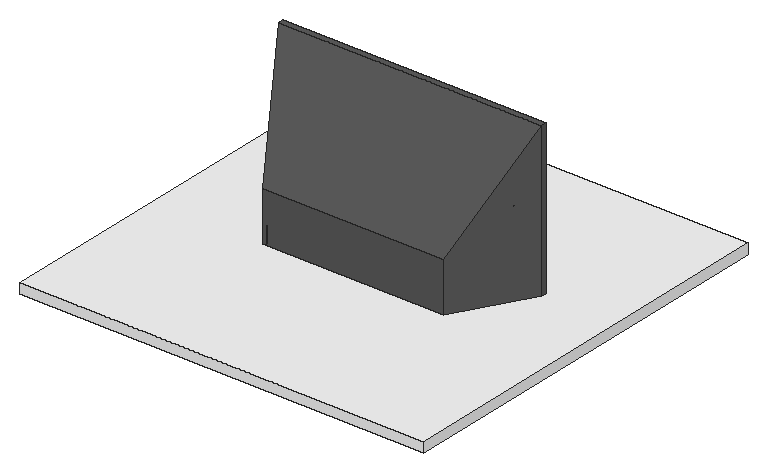
Revit family "BE_50198.5_de_DE", category Leuchten, Revit 2020
Family settings
  Basisbauteil = Fläche
  Bemaßung runder Anschluss = Durchmesser verwenden
  Teiletyp = Normal
  Beim Laden mit Abzugskörper schneiden = Ja
  Lichtquelle = Ja
  Gemeinsam genutzt = Nein
  Raumberechnungspunkt = Ja
Parameters (values of type "BEGA_50198.5_K27")
  built-in parameter 1150104 = 11.88 (stored number, unit not read)
  Wattage = 16.5 W
  Default Elevation = 0 mm
  built-in parameter 1150113 = 1 (stored number, unit not read)
  built-in parameter 1114218 = 1 (stored number, unit not read)
  Umgebungstemperatur = "25 °C"
  URL = "https://www.bega.com/de/produkt/50198.5"
  Typenkommentare = "© 2022 BEGA. Wir behalten uns das Recht vor, technische Änderungen ohne vorherige Ankündigung vorzunehmen."  # constant formula
  built-in parameter 1150134 = 12
  built-in parameter 1150109 = 1 (stored number, unit not read)
  Strom = ""
  built-in parameter 1150110 = 1 (stored number, unit not read)
  Spannung = 239.996 V
  Sonderanfertigung = no
  Seriennummer [instance] = "Hier können Sie die eindeutige Seriennummer für das Facility Management eintragen."
  Schutzklasse = "I"
  Schutzart = "IP 20"
  Scheinlast = 0 VA
  Produktdatenblatt = "https://cdn.bega.com/bega/products/50198.5K27/current/documents/data-sheets/de"
  Oberflächentemperatur = ""
  Neigungswinkel = 0.00°
  Modell = "50198.5K27"
  Material_35 = BEGA_Oberfläche_Samtschwarz_matt
  Material_17 = BEGA_Reflektor
  Material_15 = BEGA_Leuchtmedium_matt
  Material_11 = BEGA_Glas_opal
  Material_09 = BEGA_Glas_klar
  Material_06 = BEGA_Oberfläche_Edelstahl_gebürstet
  Material_03 = BEGA_Oberfläche_Weiss_matt
  Material_02 = BEGA_Oberfläche_Silber_matt
  Material_01 [instance] = BEGA_Oberfläche_Grafit_matt
  M_W = no
  M_G = no
  M_A = no
  Logo = 0
  built-in parameter 1114217 = 1 (stored number, unit not read)
  built-in parameter 1150139 = (empty or 0)
  built-in parameter 1150105 = 167.91 (stored number, unit not read)
  built-in parameter 1150114 = 1 (stored number, unit not read)
  Lumens = 2110.02 lm
  built-in parameter 1150115 = 1 (stored number, unit not read)
  Leuchtenlichtstrom = "1770 lm"
  Leuchtenanzahl = ""
  Lebensdauerkriterien = "L70B50 @ 25 °C = 154000 h"
  Lastklassifizierung = Beleuchtung
  built-in parameter 1150112 = 1 (stored number, unit not read)
  Lampenlichtstrom = "2360 lm"
  Lampe = "LED 16.2 W"
  LED_Modulbezeichnung = "LED-0590/927"
  Hersteller = "BEGA"  # constant formula
  Halbstreuwinkel = ""
  Gewicht = "1.7 kg"
  Gebrauchslageneinschränkung [instance] = ""
  Frequenz = "0/50-60 Hz"
  Farbwiedergabeindex = "CRI > 90"
  Farbtemperaturverschiebung bei Dämpfen der Lampe = <Keine Auswahl>
  Farbtemperatur = "2700 K"
  Color Filter = 16777215
  built-in parameter 1150133 = 10 (stored number, unit not read)
  Energieeffizienzklasse = "LED A++ - A"
  built-in parameter 1150137 = (empty or 0)
  built-in parameter 1150132 = (empty or 0)
  ENEC = "ja"
  Dimmbar [instance] = "DALI"
  Datei für fotometrisches Netz = "BE_50198.5K27.IES"
  CE_Konformität = "ja"
  Bestellnummer = "50198.5K27"
  Beschreibung_Sonderanfertigung = "Hier können Sie Informationen zur Sonderanfertigung eintragen."
  Beschreibung = "Wandfluter"
  built-in parameter 1150106 = 1.6791 (stored number, unit not read)
  Befestigungsbohrung = "Ø 4,5 mm"
  Befestigungsabstand = "190 mm"
  Ballwurfsicher = ""
  BEGA_Intern_aus = yes
  BEGA_Intern_an = yes
  BEGA_Intern_Konstruktion = yes
  BEGA_Intern = yes
  BEGA_IES = yes
  BEGA_Dummy = no
  Anschlussleitung = ""
  Anschlussleistung [instance] = "19.1 W"
  Anschlusskasten = ""
  built-in parameter 1150107 = 4000 (stored number, unit not read)
  built-in parameter 1150102 = (empty or 0)
  built-in parameter 1150138 = (empty or 0)
  Aktualisierung = "2022-05-18T04:00:07"
  Abstand_zur_angestrahlten_Fläche [instance] = ""
  AC/DC = "AC/DC"
Types (3, lengths in mm): name | built-in parameter 1150104 | built-in parameter 1150134 | Modell | built-in parameter 1150105 | Lumens | Leuchtenlichtstrom | Lampenlichtstrom | LED_Modulbezeichnung | Farbtemperatur | Datei für fotometrisches Netz | Bestellnummer | built-in parameter 1150106 | built-in parameter 1150107
  BEGA_50198.5_K4 | 11.88 (stored number, unit not read) | 12 | "50198.5K4" | 167.91 (stored number, unit not read) | 2110.02 lm | "1907 lm" | "2540 lm" | "LED-0590/940" | "4000 K" | "BE_50198.5K4.IES" | "50198.5K4" | 1.6791 (stored number, unit not read) | 4000 (stored number, unit not read)
  BEGA_50198.5_K3 | 11.487 (stored number, unit not read) | (empty or 0) | "50198.5K3" | 162.34 (stored number, unit not read) | 2040.06 lm | "1830 lm" | "2440 lm" | "LED-0590/930" | "3000 K" | "BE_50198.5K3.IES" | "50198.5K3" | 1.6234 (stored number, unit not read) | 3000 (stored number, unit not read)
  BEGA_50198.5_K27 | 11.88 (stored number, unit not read) | 12 | "50198.5K27" | 167.91 (stored number, unit not read) | 2110.02 lm | "1770 lm" | "2360 lm" | "LED-0590/927" | "2700 K" | "BE_50198.5K27.IES" | "50198.5K27" | 1.6791 (stored number, unit not read) | 4000 (stored number, unit not read)
Reference planes
  plane 1 "Mitte (Vorne/Hinten)": y = 0
  plane 2: z = 0
  plane 3 "Mitte (Links/Rechts)": x = 0
  plane 4 "Links": x = -129.913
  plane 5 "Rechts": x = 129.913
  plane 6 "Unten": y = -38
  plane 7 "Oben": y = 39.8
  plane 8 "Vorne": z = 152.913
  plane 9 "Hinten": z = 0
Forms (mm)
  Extrusion 1, solid, material "BEGA_Platte_Weiss"
    sketch origin (0, -1119.2, 0) x (1, 0, 0) y (0, 1, 0)
      loop
        line (-200, 1319.2) -> (-200, 919.2) -> (200, 919.2) -> (200, 1319.2) -> (-200, 1319.2)
    from 0 to -10
  Extrusion 2, solid, material "BEGA_Dummy_matt", visible <- "BEGA_Dummy"
    sketch origin (80.095, -76.023, 0) x (1, 0, 0) y (0, 1, 0)
      loop
        line (-210.008, 115.823) -> (-210.008, 38.023) -> (49.817, 38.023) -> (49.817, 115.823) -> (-210.008, 115.823)
    from 0 to 152.913
Dimensions and locks
  plane 1 "Mitte (Vorne/Hinten)" to Extrusion 1 = 200 mm
  aligned and locked: plane 2 to Extrusion 1
  aligned and locked: level to Extrusion 1
Nested families
  nested 1: "BE_50198.5" at (0, 0, 0), type "BE_50198.5"
Connectors
  electrical at (0, 0, 0), driven by "Lastklassifizierung", driven by "Spannung", driven by "Scheinlast"
    settings: index 1, voltage 239.996 V, apparent load 0 VA, apparent load phase1 0 VA, apparent load phase2 0 VA, apparent load phase3 0 VA, power factor 1, load classification "Beleuchtung", number of poles 1, system type 31, power factor state 1, is connector primary yes, connector utility no, sub classification motor no, connector description ""
Definition of nested family "BE_50198.5"
  Parameters (values of type "BE_50198.5")
    Default Elevation = 1 mm
    URL = "http://www.bega.de/de/produkt"
    Type Comments = "© 2015 BEGA. Wir behalten uns das Recht vor, technische Änderungen ohne vorherige Ankündigung vorzunehmen. "  # constant formula
    Type Image = (empty or 0)
    Neigungswinkel_um_Z2 = 0.00°
    Neigungswinkel_um_Z1 = 0.00°
    Neigungswinkel_um_Y2 = 0.00°
    Neigungswinkel_um_Y1 = 0.00°
    Neigungswinkel_um_X2 = 0.00°
    Neigungswinkel_um_X1 = 0.00°
    Material_35 = none
    Material_17 = none
    Material_15 = none
    Material_11 = none
    Material_09 = none
    Material_06 = none
    Material_05 = none
    Material_03 = none
    Material_02 = none
    Material_01 = none
    M_W = yes
    M_G = yes
    M_A = yes
    Länge_Platte = 400 mm  # constant formula
    Höhe_Platte = -10 mm  # constant formula
    Manufacturer = "BEGA"  # constant formula
    Drehwinkel_um_Z2 = 0.00°
    Drehwinkel_um_Z1 = 0.00°
    Breite_Platte = 200 mm  # constant formula
  Reference planes
    plane 1 "Mitte (Oben/Unten)": y = 0
    plane 2: z = 0
    plane 3 "Mitte (Links/Rechts)": x = 0
    plane 4: x = -129.913
    plane 5: x = 129.913
    plane 6: z = 152.913
    plane 7: y = -38
    plane 8: y = 39.8
  Forms (mm)
    Extrusion 1, solid, detail levels medium
      sketch origin (0, 0, 0) x (1, 0, 0) y (0, 1, 0)
        loop
          line (-200, 100) -> (-200, -100) -> (200, -100) -> (200, 100) -> (-200, 100)
      from 0 to -10 <- "Höhe_Platte"
    Extrusion 2, solid, material <- "Material_35", detail levels medium+fine
      sketch origin (0, 0, 0) x (0, 1, 0) y (0, 0, 1)
        loop
          line (-38, 2) -> (38, 2) -> (38, 152.913) -> (33.061, 152.913) -> (-38, 50.56) -> (-38, 2)
      from -129.913 to 129.913
    Extrusion 3, void
      sketch origin (0, 0, 0) x (1, 0, 0) y (0, 1, 0)
        loop
          line (-133.346, 39.188) -> (-133.346, -41.243) -> (-87.586, -41.243) -> (-133.346, 39.188)
        loop
          line (133.346, 39.188) -> (87.586, -41.243) -> (133.346, -41.243) -> (133.346, 39.188)
      from 0 to 155.937
    Blend 4, void
      base sketch origin (0, -36.301, 2) x (0, -1, 0) y (1, 0, 0)
        loop
          line (-0.439, -79.142) -> (-0.439, 79.142) -> (-70.439, 118.968) -> (-70.439, -118.968) -> (-0.439, -79.142)
      top sketch origin (0, 35.5, 152.913) x (0, -1, 0) y (1, 0, 0)
        loop
          line (9.992, -117.578) -> (9.992, 117.578) -> (1.362, 117.578) -> (1.362, -117.578) -> (9.992, -117.578)
      from 0 to -12.516
    Extrusion 5, solid, material <- "Material_35", detail levels medium+fine
      sketch origin (0, 0, 0) x (1, 0, 0) y (0, 1, 0)
        loop
          line (-85.604, -33.242) -> (85.604, -33.242) -> (122.064, 30.842) -> (-122.064, 30.842) -> (-85.604, -33.242)
        loop
          line (-84.092, -30.642) -> (84.092, -30.642) -> (117.593, 28.242) -> (-117.593, 28.242) -> (-84.092, -30.642)
      from 0 to 36.849
    Extrusion 6, solid, material <- "Material_35", detail levels medium+fine
      sketch origin (0, 0, 0) x (1, 0, 0) y (0, 1, 0)
        loop
          line (-87.084, -30.642) -> (84.092, -30.642) -> (117.593, 28.242) -> (-120.584, 28.242) -> (-87.084, -30.642)
      from 8 to 11
    Extrusion 7, void
      sketch origin (0, 0, 0) x (0, 1, 0) y (0, 0, 1)
        loop
          line (32.601, 151) -> (32.601, 40.129) -> (38.951, 40.129) -> (38.951, 151) -> (32.601, 151)
      from -127.703 to 127.391
    Extrusion 8, solid, material <- "Material_17", detail levels medium+fine
      sketch origin (0, 0, 0) x (0, 1, 0) y (0, 0, 1)
        loop
          line (33.8, 146.195) -> (33, 146.195) -> (33, 138.172) -> (12, 104.172) -> (12, 87.718) -> (33, 53.718) -> (33, 45.695) -> (33.8, 45.695) -> (33.8, 53.945) -> (12.8, 87.945) -> (12.8, 103.945) -> (33.8, 137.945) -> (33.8, 146.195)
      from -117.578 to 117.578
    Extrusion 9, solid, material <- "Material_17", detail levels medium+fine
      sketch origin (0, 0, 0) x (1, 0, 0) y (0, 1, 0)
        loop
          line (117.256, 33.015) -> (30.236, 11.302) -> (30.474, 10.473) -> (117.464, 32.179) -> (117.256, 33.015)
        loop
          line (-117.256, 33.015) -> (-117.464, 32.179) -> (-30.474, 10.473) -> (-30.236, 11.302) -> (-117.256, 33.015)
      from 45.695 to 138.172
    Extrusion 10, void
      sketch origin (0, 0, 0) x (0, 1, 0) y (0, 0, 1)
        loop
          line (11.589, 101.945) -> (11.589, 89.945) -> (13.28, 89.945) -> (13.28, 101.945) -> (11.589, 101.945)
      from -28.58 to 28.473
    Extrusion 11, solid, material <- "Material_15", detail levels medium+fine
      sketch origin (0, 0, 0) x (1, 0, 0) y (0, 0, 1)
        loop
          line (27.973, 90.445) -> (27.973, 101.445) -> (-28.08, 101.445) -> (-28.08, 90.445) -> (27.973, 90.445)
      from -10.824 to -9.8
    Extrusion 12, void
      sketch origin (0, 0, 0) x (0, 1, 0) y (0, 0, 1)
        loop
          line (27.969, 143.436) -> (5.653, 143.436) -> (5.653, 111.294) -> (27.969, 143.436)
      from -82.112 to 102.734
    Extrusion 13, solid, material <- "Material_09", detail levels medium+fine
      sketch origin (0, 0, 0) x (0, 1, 0) y (0, 0, 1)
        loop
          line (33.8, 40.129) -> (39.8, 40.129) -> (39.8, 150.85) -> (33.8, 150.85) -> (33.8, 40.129)
      from -127.703 to 127.391
    Extrusion 14, solid, material <- "Material_35", detail levels medium+fine
      sketch origin (0, 0, 0) x (0, 1, 0) y (0, 0, 1)
        loop
          line (33.8, 45.695) -> (29.088, 45.695) -> (29.088, 35.573) -> (33.8, 35.573) -> (33.8, 45.695)
      from -127.517 to 127.391
    Extrusion 15, void
      sketch origin (0, 0, 0) x (1, 0, 0) y (0, 1, 0)
        loop
          circle (-95, -4.4) r 2.75
        loop
          circle (95, -4.4) r 2.75
        loop
          circle (-70, 13.6) r 8.5
        loop
          circle (-70, -13.4) r 8.5
      from 0 to 15
    Extrusion 16, void
      sketch origin (0, -36.301, 2) x (0, -1, 0) y (1, 0, 0)
        loop
          line (-0.425, 78.067) -> (-0.425, 86.66) -> (-70.439, 126.494) -> (-70.439, 117.901) -> (-0.425, 78.067)
      from 0 to 22.216
    Extrusion 17, void
      sketch origin (0, -36.301, 2) x (0, -1, 0) y (1, 0, 0)
        loop
          line (-0.425, -78.067) -> (-70.439, -117.901) -> (-70.439, -126.494) -> (-0.425, -86.66) -> (-0.425, -78.067)
      from 0 to 22.216
    Extrusion 18, void
      sketch origin (0, 0, 0) x (1, 0, 0) y (0, 0, 1)
        loop
          line (-100.787, 28.5) -> (-100.787, 26.5)
          arc (-100.787, 26.5) -> (-97.613, 23.326) -> (-94.438, 26.5) r 3.174
          line (-94.438, 26.5) -> (-94.438, 28.5)
          arc (-94.438, 28.5) -> (-97.613, 31.674) -> (-100.787, 28.5) r 3.174
        loop
          arc (100.787, 28.5) -> (97.613, 31.674) -> (94.438, 28.5) r 3.174
          line (94.438, 28.5) -> (94.438, 26.5)
          arc (94.438, 26.5) -> (97.613, 23.326) -> (100.787, 26.5) r 3.174
          line (100.787, 26.5) -> (100.787, 28.5)
      from -38.951 to -27.699
  Cuts and joins
    Extrusion 3, Blend 4, Extrusion 7, Extrusion 10, Extrusion 16, Extrusion 17, Extrusion 18 cuts Extrusion 2
    Extrusion 17, Extrusion 18 cuts Extrusion 14
    joined: Extrusion 2, Extrusion 14
    Extrusion 15, Extrusion 18 cuts Extrusion 5
    Extrusion 15, Extrusion 18 cuts Extrusion 6
    joined: Extrusion 5, Extrusion 6
    Extrusion 3, Extrusion 10, Extrusion 12, Extrusion 15 cuts Extrusion 8
    Extrusion 10, Extrusion 12, Extrusion 15 cuts Extrusion 9
    joined: Extrusion 8, Extrusion 9
  Dimensions and locks
    equal spacing: Extrusion 1 sketch curve, plane 3 "Mitte (Links/Rechts)", Extrusion 1 sketch curve
    equal spacing: Extrusion 1 sketch curve, plane 1 "Mitte (Oben/Unten)", Extrusion 1 sketch curve
    "Länge_Platte": Extrusion 1 sketch curve to Extrusion 1 sketch curve
    "Breite_Platte": Extrusion 1 sketch curve to Extrusion 1 sketch curve
    aligned and locked: plane 2 to Extrusion 1
    aligned and locked: level to Extrusion 1
  Automatic sketch dimensions
    plane 1 "Mitte (Oben/Unten)" to Extrusion 2 sketch curve = 38 mm
    Extrusion 2 sketch curve to plane 1 "Mitte (Oben/Unten)" = 33.061 mm
    level to Extrusion 2 sketch curve = 2 mm
    Extrusion 2 sketch curve to plane 1 "Mitte (Oben/Unten)" = 38 mm
    Extrusion 2 sketch curve to Extrusion 2 sketch curve = 48.56 mm
    Extrusion 3 sketch curve to Extrusion 3 sketch curve = 45.76 mm  (x2)
    plane 1 "Mitte (Oben/Unten)" to Extrusion 3 sketch curve = 41.243 mm  (x2)
    plane 3 "Mitte (Links/Rechts)" to Extrusion 3 sketch curve = 87.586 mm
    Extrusion 3 sketch curve to plane 1 "Mitte (Oben/Unten)" = 39.188 mm  (x2)
    Extrusion 2 to Blend 4 sketch curve = 3.862 mm
    Blend 4 sketch curve to Extrusion 2 = 2.138 mm
    Blend 4 sketch curve to Extrusion 2 = 10.945 mm  (x2)
    Blend 4 sketch curve to Extrusion 2 = 50.77 mm  (x2)
    Blend 4 sketch curve to Extrusion 2 = 1.077 mm
    Extrusion 2 to Blend 4 sketch curve = 7.553 mm
    Extrusion 2 to Blend 4 sketch curve = 12.335 mm  (x2)
    Extrusion 5 sketch curve to plane 1 "Mitte (Oben/Unten)" = 30.842 mm
    Extrusion 5 sketch curve to Extrusion 5 sketch curve = 4.471 mm  (x2)
    plane 1 "Mitte (Oben/Unten)" to Extrusion 5 sketch curve = 33.242 mm
    Extrusion 5 sketch curve to Extrusion 5 sketch curve = 31.989 mm
    Extrusion 5 sketch curve to Extrusion 5 sketch curve = 1.512 mm  (x2)
    plane 1 "Mitte (Oben/Unten)" to Extrusion 5 sketch curve = 30.642 mm
    plane 3 "Mitte (Links/Rechts)" to Extrusion 5 sketch curve = 84.092 mm
    Extrusion 5 sketch curve to plane 1 "Mitte (Oben/Unten)" = 28.242 mm
    Extrusion 5 sketch curve to Extrusion 5 sketch curve = 33.501 mm
    Extrusion 6 sketch curve to plane 1 "Mitte (Oben/Unten)" = 28.242 mm
    plane 1 "Mitte (Oben/Unten)" to Extrusion 6 sketch curve = 30.642 mm
    Extrusion 6 sketch curve to Extrusion 6 sketch curve = 33.501 mm  (x2)
    plane 3 "Mitte (Links/Rechts)" to Extrusion 6 sketch curve = 84.092 mm
    Extrusion 7 sketch curve to plane 1 "Mitte (Oben/Unten)" = 32.601 mm
    Extrusion 7 sketch curve to Extrusion 7 sketch curve = 6.351 mm
    level to Extrusion 7 sketch curve = 40.129 mm
    Extrusion 8 sketch curve to plane 1 "Mitte (Oben/Unten)" = 12 mm
    Extrusion 8 sketch curve to Extrusion 8 sketch curve = 0.8 mm  (x3)
    Extrusion 8 sketch curve to plane 1 "Mitte (Oben/Unten)" = 33 mm  (x2)
    level to Extrusion 8 sketch curve = 45.695 mm
    Extrusion 8 sketch curve to Extrusion 8 sketch curve = 8.023 mm  (x2)
    Extrusion 8 sketch curve to Extrusion 8 sketch curve = 0.227 mm  (x4)
    Extrusion 8 sketch curve to Extrusion 8 sketch curve = 34 mm  (x2)
    Extrusion 8 sketch curve to Extrusion 8 sketch curve = 16 mm
    Extrusion 9 sketch curve to plane 1 "Mitte (Oben/Unten)" = 32.179 mm
    Extrusion 9 sketch curve to plane 1 "Mitte (Oben/Unten)" = 33.015 mm  (x2)
    Extrusion 9 sketch curve to Extrusion 9 sketch curve = 0.209 mm
    Extrusion 9 sketch curve to plane 1 "Mitte (Oben/Unten)" = 10.473 mm  (x2)
    Extrusion 9 sketch curve to plane 1 "Mitte (Oben/Unten)" = 11.302 mm  (x2)
    plane 3 "Mitte (Links/Rechts)" to Extrusion 9 sketch curve = 30.236 mm
    Extrusion 9 sketch curve to Extrusion 9 sketch curve = 0.238 mm
    Extrusion 10 sketch curve to plane 1 "Mitte (Oben/Unten)" = 11.589 mm
    Extrusion 10 sketch curve to Extrusion 10 sketch curve = 1.691 mm
    level to Extrusion 10 sketch curve = 89.945 mm
    Extrusion 10 sketch curve to Extrusion 10 sketch curve = 12 mm
    Extrusion 11 sketch curve to plane 3 "Mitte (Links/Rechts)" = 28.08 mm
    plane 3 "Mitte (Links/Rechts)" to Extrusion 11 sketch curve = 27.973 mm
    level to Extrusion 11 sketch curve = 90.445 mm
    Extrusion 11 sketch curve to Extrusion 11 sketch curve = 11 mm
    Extrusion 12 sketch curve to plane 1 "Mitte (Oben/Unten)" = 5.653 mm
    Extrusion 12 sketch curve to Extrusion 12 sketch curve = 22.315 mm
    Extrusion 12 sketch curve to Extrusion 12 sketch curve = 32.142 mm
    Extrusion 13 sketch curve to plane 1 "Mitte (Oben/Unten)" = 33.8 mm
    Extrusion 13 sketch curve to Extrusion 13 sketch curve = 6 mm
    level to Extrusion 13 sketch curve = 40.129 mm
    Extrusion 14 sketch curve to plane 1 "Mitte (Oben/Unten)" = 29.088 mm
    Extrusion 14 sketch curve to Extrusion 14 sketch curve = 4.712 mm
    level to Extrusion 14 sketch curve = 35.573 mm
    Extrusion 14 sketch curve to Extrusion 14 sketch curve = 10.122 mm
    plane 1 "Mitte (Oben/Unten)" to Extrusion 15 sketch curve = 4.4 mm  (x2)
    Extrusion 15 sketch curve to plane 3 "Mitte (Links/Rechts)" = 95 mm
    Extrusion 15 sketch curve to plane 1 "Mitte (Oben/Unten)" = 13.6 mm
    Extrusion 15 sketch curve to Extrusion 15 sketch curve = 25 mm  (x2)
    plane 3 "Mitte (Links/Rechts)" to Extrusion 15 sketch curve = 95 mm
    plane 1 "Mitte (Oben/Unten)" to Extrusion 15 sketch curve = 13.4 mm
    Extrusion 2 to Extrusion 16 sketch curve = 3.862 mm
    Extrusion 16 sketch curve to Extrusion 2 = 2.123 mm
    Extrusion 16 sketch curve to Extrusion 2 = 51.846 mm
    Extrusion 16 sketch curve to Extrusion 16 sketch curve = 8.593 mm
    Extrusion 16 sketch curve to Extrusion 2 = 12.012 mm
    Extrusion 16 sketch curve to Extrusion 2 = 3.419 mm
    Extrusion 2 to Extrusion 17 sketch curve = 3.862 mm
    Extrusion 17 sketch curve to Extrusion 2 = 2.123 mm
    Extrusion 17 sketch curve to Extrusion 2 = 3.419 mm
    Extrusion 17 sketch curve to Extrusion 17 sketch curve = 8.593 mm  (x2)
    Extrusion 17 sketch curve to Extrusion 2 = 43.253 mm
    level to Extrusion 18 sketch curve = 28.5 mm  (x2)
    Extrusion 18 sketch curve to Extrusion 18 sketch curve = 3.174 mm  (x2)
    plane 3 "Mitte (Links/Rechts)" to Extrusion 18 sketch curve = 94.438 mm
    Extrusion 18 sketch curve to Extrusion 18 sketch curve = 2 mm  (x2)
    Extrusion 3 sketch curve to plane 3 "Mitte (Links/Rechts)" = 87.586 mm
    Extrusion 5 sketch curve to plane 3 "Mitte (Links/Rechts)" = 84.092 mm
    Extrusion 6 sketch curve to plane 3 "Mitte (Links/Rechts)" = 87.084 mm
    Extrusion 9 sketch curve to plane 3 "Mitte (Links/Rechts)" = 30.236 mm
    Extrusion 18 sketch curve to plane 3 "Mitte (Links/Rechts)" = 94.438 mm
    Extrusion 9 sketch curve to Extrusion 9 sketch curve = 86.782 mm
    Extrusion 2 sketch curve to Extrusion 2 sketch curve = 102.353 mm
    Extrusion 7 sketch curve to Extrusion 7 sketch curve = 110.871 mm
    level to Extrusion 12 sketch curve = 111.294 mm
    Extrusion 13 sketch curve to Extrusion 13 sketch curve = 110.721 mm
    radius of Extrusion 15 sketch curve = 2.75 mm  (x2)
    radius of Extrusion 15 sketch curve = 8.5 mm  (x2)
